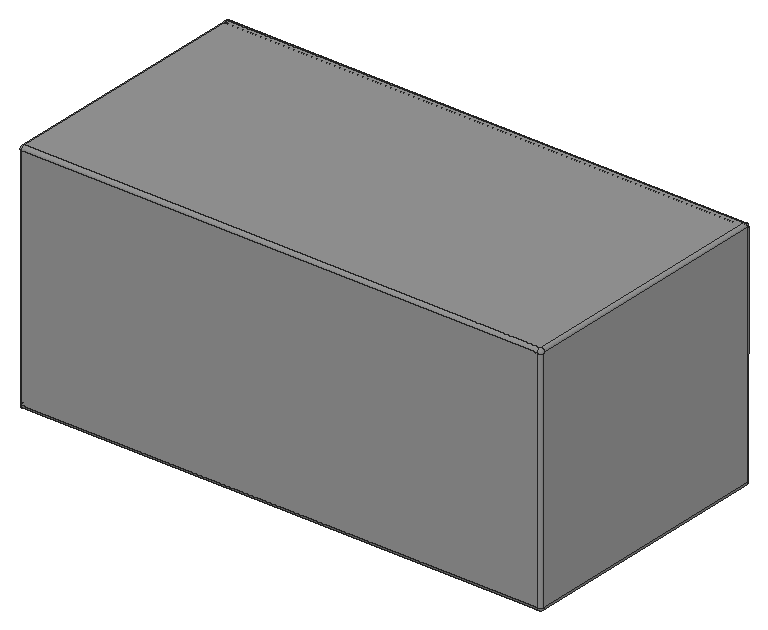
Revit family "TS1029 Elevate Wind Double Bench", category Generic Models, Revit 2018
Family settings
  Can host rebar = No
  Round Connector Dimension = Use Diameter
  Part Type = Normal
  Work Plane-Based = No
  Always vertical = Yes
  Cut with Voids When Loaded = No
  Shared = No
  Room Calculation Point = No
Parameters
  Seat Fabric = TS1029 Double Bench Fabric
Reference planes (in)
  plane 1 "Center (Front/Back)": y = 0
  plane 2: z = 0
  plane 3 "Center (Left/Right)": x = 0
Forms (in)
  Sweep 1, solid, material "TS1029 Double Bench Fabric" <- "Seat Fabric"
    path origin (0, -5, 0) x (0, 1, 0) y (0, 0, 1)
      loop
        line (14.73021, 17.75) -> (-4.73021, 17.75)
        arc (-4.73021, 17.75) -> (-4.7442, 17.7442) -> (-4.75, 17.73021) r 0.01979
        line (-4.75, 17.73021) -> (-4.75, 0.26979)
        arc (-4.75, 0.26979) -> (-4.7442, 0.2558) -> (-4.73021, 0.25) r 0.01979
        line (-4.73021, 0.25) -> (14.73021, 0.25)
        arc (14.73021, 0.25) -> (14.7442, 0.2558) -> (14.75, 0.26979) r 0.01979
        line (14.75, 0.26979) -> (14.75, 17.73021)
        arc (14.75, 17.73021) -> (14.7442, 17.7442) -> (14.73021, 17.75) r 0.01979
    profile origin (0, 0, 17.75) x (0, 0, -1) y (1, 0, 0)
      loop
        line (0, -20) -> (0, 20)
        arc (0, 20) -> (-0.17678, 19.92678) -> (-0.25, 19.75) r 0.25
        line (-0.25, 19.75) -> (-0.25, -19.75)
        arc (-0.25, -19.75) -> (-0.17678, -19.92678) -> (0, -20) r 0.25
  Extrusion 2, solid, material "TS1029 Double Bench Fabric" <- "Seat Fabric"
    sketch origin (0, -5, 0) x (0, 1, 0) y (0, 0, 1)
      loop
        arc (14.73021, 0.25) -> (14.7442, 0.2558) -> (14.75, 0.26979) r 0.01979
        line (14.75, 0.26979) -> (14.75, 17.73021)
        arc (14.75, 17.73021) -> (14.7442, 17.7442) -> (14.73021, 17.75) r 0.01979
        line (14.73021, 17.75) -> (-4.73021, 17.75)
        arc (-4.73021, 17.75) -> (-4.7442, 17.7442) -> (-4.75, 17.73021) r 0.01979
        line (-4.75, 17.73021) -> (-4.75, 0.26979)
        arc (-4.75, 0.26979) -> (-4.7442, 0.2558) -> (-4.73021, 0.25) r 0.01979
        line (-4.73021, 0.25) -> (14.73021, 0.25)
    from -20 to 20
Dimensions and locks (in)
  aligned and locked: plane 2 to level
